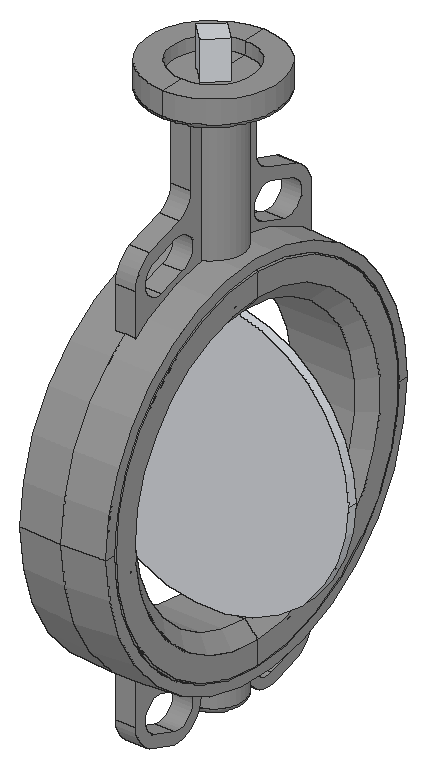
Revit family "HERZ Isolating Butterfly Valves ZF-4219", category Rohrzubehör, Revit 2019 (continued)
Automatic sketch dimensions
  Extrusion 8 sketch curve to Extrusion 8 sketch curve = 9.76 mm  (x2)
  Extrusion 8 sketch curve to Extrusion 8 sketch curve = 46.144 mm
  Extrusion 8 sketch curve to Extrusion 8 sketch curve = 0.006 mm
  Extrusion 8 sketch curve to Extrusion 8 sketch curve = 0.159 mm  (x2)
  Extrusion 8 sketch curve to Extrusion 8 sketch curve = 0.225 mm  (x2)
  Extrusion 8 sketch curve to Extrusion 8 sketch curve = 3.156 mm
  Extrusion 7 sketch curve to Extrusion 7 sketch curve = 0 mm  (x29)
  Extrusion 7 sketch curve to level = 0 mm
  Extrusion 7 sketch curve to plane 1 "Mitte (Vorne/hinten)" = 0 mm
  Extrusion 7 sketch curve to Extrusion 7 sketch curve = 4.987 mm  (x2)
  plane 1 "Mitte (Vorne/hinten)" to Extrusion 7 sketch curve = 42.642 mm
  Extrusion 7 sketch curve to Extrusion 7 sketch curve = 3.28 mm  (x2)
  Extrusion 7 sketch curve to Extrusion 7 sketch curve = 14.935 mm  (x2)
  Extrusion 7 sketch curve to Extrusion 7 sketch curve = 11.589 mm  (x2)
  Extrusion 7 sketch curve to Extrusion 7 sketch curve = 14.868 mm  (x2)
  Extrusion 7 sketch curve to Extrusion 7 sketch curve = 33.628 mm  (x4)
  Extrusion 7 sketch curve to Extrusion 7 sketch curve = 3.946 mm  (x4)
  Extrusion 7 sketch curve to Extrusion 7 sketch curve = 12.021 mm  (x8)
  Extrusion 7 sketch curve to Extrusion 7 sketch curve = 8.075 mm  (x8)
  plane 1 "Mitte (Vorne/hinten)" to Extrusion 7 sketch curve = 21.03 mm
  Extrusion 7 sketch curve to Extrusion 7 sketch curve = 5.5 mm
  Extrusion 7 sketch curve to Extrusion 7 sketch curve = 0.54 mm  (x2)
  Extrusion 7 sketch curve to Extrusion 7 sketch curve = 0.103 mm
  Extrusion 7 sketch curve to Extrusion 7 sketch curve = 1.99 mm  (x2)
  plane 1 "Mitte (Vorne/hinten)" to Extrusion 7 sketch curve = 18.5 mm
  Extrusion 7 sketch curve to plane 1 "Mitte (Vorne/hinten)" = 18.5 mm  (x2)
  Extrusion 7 sketch curve to Extrusion 7 sketch curve = 1.897 mm
  Extrusion 7 sketch curve to Extrusion 7 sketch curve = 2 mm
  Extrusion 7 sketch curve to Extrusion 7 sketch curve = 21.612 mm
  Extrusion 7 sketch curve to level = 59.454 mm  (x2)
  Extrusion 7 sketch curve to Extrusion 7 sketch curve = 10.049 mm  (x4)
  Extrusion 7 sketch curve to Extrusion 7 sketch curve = 20.666 mm  (x2)
  Extrusion 7 sketch curve to Extrusion 7 sketch curve = 1.725 mm  (x2)
  Extrusion 7 sketch curve to Extrusion 7 sketch curve = 12.438 mm  (x4)
  level to Extrusion 7 sketch curve = 59.454 mm  (x2)
  Extrusion 7 sketch curve to Extrusion 7 sketch curve = 15.768 mm  (x2)
  Extrusion 7 sketch curve to Extrusion 7 sketch curve = 0.361 mm  (x2)
  Extrusion 7 sketch curve to Extrusion 7 sketch curve = 69.242 mm
  Extrusion 7 sketch curve to Extrusion 7 sketch curve = 0.014 mm
  Extrusion 7 sketch curve to Extrusion 7 sketch curve = 0.29 mm  (x2)
  Extrusion 6 sketch curve to Extrusion 6 sketch curve = 0 mm  (x31)
  Extrusion 6 sketch curve to level = 0 mm
  Extrusion 6 sketch curve to plane 1 "Mitte (Vorne/hinten)" = 0 mm
  plane 1 "Mitte (Vorne/hinten)" to Extrusion 6 sketch curve = 18.5 mm  (x2)
  Extrusion 6 sketch curve to Extrusion 6 sketch curve = 1.897 mm  (x2)
  Extrusion 6 sketch curve to Extrusion 6 sketch curve = 2 mm
  Extrusion 6 sketch curve to Extrusion 6 sketch curve = 4.154 mm  (x2)
  Extrusion 6 sketch curve to Extrusion 6 sketch curve = 5.603 mm
  Extrusion 6 sketch curve to Extrusion 6 sketch curve = 12 mm  (x2)
  Extrusion 6 sketch curve to Extrusion 6 sketch curve = 21.682 mm  (x2)
  Extrusion 6 sketch curve to Extrusion 6 sketch curve = 2.182 mm  (x2)
  Extrusion 6 sketch curve to Extrusion 6 sketch curve = 11.109 mm  (x4)
  Extrusion 6 sketch curve to Extrusion 6 sketch curve = 30.529 mm  (x4)
  Extrusion 6 sketch curve to Extrusion 6 sketch curve = 4.781 mm  (x4)
  Extrusion 6 sketch curve to Extrusion 6 sketch curve = 1.414 mm  (x8)
  Extrusion 6 sketch curve to Extrusion 6 sketch curve = 7.24 mm  (x8)
  Extrusion 6 sketch curve to Extrusion 6 sketch curve = 12.021 mm  (x8)
  Extrusion 6 sketch curve to plane 1 "Mitte (Vorne/hinten)" = 18.5 mm
  Extrusion 6 sketch curve to Extrusion 6 sketch curve = 7.5 mm
  Extrusion 6 sketch curve to Extrusion 6 sketch curve = 0.103 mm
  Extrusion 6 sketch curve to level = 50.036 mm  (x2)
  Extrusion 6 sketch curve to Extrusion 6 sketch curve = 17.112 mm  (x2)
  Extrusion 6 sketch curve to Extrusion 6 sketch curve = 9.185 mm  (x4)
  Extrusion 6 sketch curve to Extrusion 6 sketch curve = 20.608 mm  (x2)
  Extrusion 6 sketch curve to Extrusion 6 sketch curve = 12.868 mm  (x3)
  Extrusion 6 sketch curve to Extrusion 6 sketch curve = 9.096 mm  (x2)
  level to Extrusion 6 sketch curve = 50.036 mm  (x2)
  Extrusion 6 sketch curve to Extrusion 6 sketch curve = 17 mm
  Extrusion 6 sketch curve to Extrusion 6 sketch curve = 56.845 mm
  Extrusion 6 sketch curve to Extrusion 6 sketch curve = 0.017 mm
  Extrusion 6 sketch curve to Extrusion 6 sketch curve = 0.29 mm  (x2)
  Extrusion 5 sketch curve to Extrusion 5 sketch curve = 0 mm  (x25)
  Extrusion 5 sketch curve to level = 0 mm
  Extrusion 5 sketch curve to plane 1 "Mitte (Vorne/hinten)" = 0 mm
  plane 1 "Mitte (Vorne/hinten)" to Extrusion 5 sketch curve = 18.5 mm  (x2)
  Extrusion 5 sketch curve to Extrusion 5 sketch curve = 0.579 mm  (x2)
  Extrusion 5 sketch curve to Extrusion 5 sketch curve = 1.897 mm  (x2)
  Extrusion 5 sketch curve to Extrusion 5 sketch curve = 0.103 mm
  Extrusion 5 sketch curve to Extrusion 5 sketch curve = 5.603 mm
  Extrusion 5 sketch curve to Extrusion 5 sketch curve = 15.942 mm  (x4)
  Extrusion 5 sketch curve to Extrusion 5 sketch curve = 13 mm  (x2)
  Extrusion 5 sketch curve to Extrusion 5 sketch curve = 11.367 mm  (x4)
  Extrusion 5 sketch curve to Extrusion 5 sketch curve = 25.663 mm  (x4)
  Extrusion 5 sketch curve to Extrusion 5 sketch curve = 4.027 mm  (x4)
  Extrusion 5 sketch curve to Extrusion 5 sketch curve = 12.021 mm  (x5)
  Extrusion 5 sketch curve to Extrusion 5 sketch curve = 9.55 mm  (x4)
  Extrusion 5 sketch curve to Extrusion 5 sketch curve = 7.5 mm
  Extrusion 5 sketch curve to plane 1 "Mitte (Vorne/hinten)" = 18.5 mm  (x2)
  Extrusion 5 sketch curve to Extrusion 5 sketch curve = 2 mm
  Extrusion 5 sketch curve to level = 38.887 mm  (x2)
  Extrusion 5 sketch curve to Extrusion 5 sketch curve = 10.986 mm  (x3)
  Extrusion 5 sketch curve to Extrusion 5 sketch curve = 10.231 mm  (x3)
  Extrusion 5 sketch curve to Extrusion 5 sketch curve = 10.467 mm  (x4)
  Extrusion 5 sketch curve to Extrusion 5 sketch curve = 12.18 mm  (x2)
  Extrusion 5 sketch curve to Extrusion 5 sketch curve = 12.641 mm  (x4)
  Extrusion 5 sketch curve to Extrusion 5 sketch curve = 9.983 mm  (x2)
  level to Extrusion 5 sketch curve = 38.887 mm  (x2)
  Extrusion 5 sketch curve to Extrusion 5 sketch curve = 21.217 mm
  Extrusion 5 sketch curve to Extrusion 5 sketch curve = 16.969 mm  (x2)
  Extrusion 5 sketch curve to Extrusion 5 sketch curve = 51.117 mm
  Extrusion 5 sketch curve to Extrusion 5 sketch curve = 0.01 mm
  Extrusion 5 sketch curve to Extrusion 5 sketch curve = 0.29 mm  (x2)
  level to Extrusion 5 sketch curve = 49.873 mm
  Extrusion 4 sketch curve to Extrusion 4 sketch curve = 0 mm  (x28)
  Extrusion 4 sketch curve to level = 0 mm
  Extrusion 4 sketch curve to plane 1 "Mitte (Vorne/hinten)" = 0 mm
  plane 1 "Mitte (Vorne/hinten)" to Extrusion 4 sketch curve = 18.5 mm  (x2)
  Extrusion 4 sketch curve to Extrusion 4 sketch curve = 1.897 mm  (x2)
  Extrusion 4 sketch curve to Extrusion 4 sketch curve = 0.103 mm  (x2)
  Extrusion 4 sketch curve to Extrusion 4 sketch curve = 5.603 mm  (x2)
  Extrusion 4 sketch curve to Extrusion 4 sketch curve = 12.115 mm  (x4)
  Extrusion 4 sketch curve to Extrusion 4 sketch curve = 9 mm  (x2)
  Extrusion 4 sketch curve to Extrusion 4 sketch curve = 11.39 mm  (x2)
  Extrusion 4 sketch curve to Extrusion 4 sketch curve = 7.005 mm  (x2)
  Extrusion 4 sketch curve to Extrusion 4 sketch curve = 22.772 mm  (x4)
  Extrusion 4 sketch curve to Extrusion 4 sketch curve = 4.597 mm  (x4)
  Extrusion 4 sketch curve to Extrusion 4 sketch curve = 1.485 mm  (x4)
  Extrusion 4 sketch curve to Extrusion 4 sketch curve = 12.021 mm  (x4)
  Extrusion 4 sketch curve to Extrusion 4 sketch curve = 9.247 mm  (x4)
  Extrusion 4 sketch curve to plane 1 "Mitte (Vorne/hinten)" = 18.5 mm  (x2)
  Extrusion 4 sketch curve to level = 31.935 mm  (x2)
  Extrusion 4 sketch curve to Extrusion 4 sketch curve = 1.34 mm  (x4)
  Extrusion 4 sketch curve to Extrusion 4 sketch curve = 10.245 mm  (x4)
  Extrusion 4 sketch curve to Extrusion 4 sketch curve = 9.866 mm  (x4)
  Extrusion 4 sketch curve to Extrusion 4 sketch curve = 9.447 mm  (x4)
  Extrusion 4 sketch curve to Extrusion 4 sketch curve = 11.077 mm  (x4)
  Extrusion 4 sketch curve to Extrusion 4 sketch curve = 11.926 mm  (x2)
  level to Extrusion 4 sketch curve = 31.935 mm  (x2)
  Extrusion 4 sketch curve to Extrusion 4 sketch curve = 12.62 mm  (x2)
  Extrusion 4 sketch curve to Extrusion 4 sketch curve = 12.99 mm  (x2)
  Extrusion 4 sketch curve to Extrusion 4 sketch curve = 41.354 mm
  Extrusion 4 sketch curve to Extrusion 4 sketch curve = 0.018 mm
  Extrusion 4 sketch curve to Extrusion 4 sketch curve = 0.29 mm  (x2)
  Extrusion 3 sketch curve to Extrusion 3 sketch curve = 0 mm  (x23)
  Extrusion 3 sketch curve to level = 0 mm
  Extrusion 3 sketch curve to plane 1 "Mitte (Vorne/hinten)" = 0 mm
  plane 1 "Mitte (Vorne/hinten)" to Extrusion 3 sketch curve = 18 mm
  Extrusion 3 sketch curve to Extrusion 3 sketch curve = 1.897 mm  (x2)
  Extrusion 3 sketch curve to Extrusion 3 sketch curve = 0.103 mm  (x2)
  plane 1 "Mitte (Vorne/hinten)" to Extrusion 3 sketch curve = 22.391 mm
  Extrusion 3 sketch curve to Extrusion 3 sketch curve = 1.414 mm  (x14)
  Extrusion 3 sketch curve to Extrusion 3 sketch curve = 6.103 mm  (x2)
  Extrusion 3 sketch curve to Extrusion 3 sketch curve = 2 mm  (x2)
  Extrusion 3 sketch curve to Extrusion 3 sketch curve = 7.709 mm  (x4)
  Extrusion 3 sketch curve to Extrusion 3 sketch curve = 13.318 mm  (x5)
  Extrusion 3 sketch curve to Extrusion 3 sketch curve = 15.842 mm  (x5)
  Extrusion 3 sketch curve to Extrusion 3 sketch curve = 10.233 mm
  Extrusion 3 sketch curve to Extrusion 3 sketch curve = 3.184 mm  (x7)
  Extrusion 3 sketch curve to Extrusion 3 sketch curve = 6.315 mm  (x8)
  Extrusion 3 sketch curve to Extrusion 3 sketch curve = 3.021 mm  (x4)
  Extrusion 3 sketch curve to Extrusion 3 sketch curve = 5.303 mm  (x8)
  Extrusion 3 sketch curve to level = 23.805 mm  (x2)
  Extrusion 3 sketch curve to Extrusion 3 sketch curve = 3.106 mm  (x6)
  level to Extrusion 3 sketch curve = 23.805 mm  (x2)
  Extrusion 3 sketch curve to Extrusion 3 sketch curve = 6.654 mm  (x4)
  Extrusion 3 sketch curve to Extrusion 3 sketch curve = 9.77 mm  (x4)
  Extrusion 3 sketch curve to plane 1 "Mitte (Vorne/hinten)" = 18 mm
  Extrusion 3 sketch curve to plane 1 "Mitte (Vorne/hinten)" = 22.391 mm
  Extrusion 3 sketch curve to Extrusion 3 sketch curve = 5.708 mm  (x2)
  Extrusion 3 sketch curve to Extrusion 3 sketch curve = 3.131 mm
  level to Extrusion 3 sketch curve = 42.831 mm
  Extrusion 3 sketch curve to Extrusion 3 sketch curve = 4.045 mm
  Extrusion 3 sketch curve to Extrusion 3 sketch curve = 12.379 mm
  Extrusion 3 sketch curve to Extrusion 3 sketch curve = 68.43 mm
  Extrusion 3 sketch curve to Extrusion 3 sketch curve = 0.003 mm
  Extrusion 3 sketch curve to Extrusion 3 sketch curve = 0.316 mm  (x2)
  curve 12 to level = 0 mm
  curve 12 to plane 3 "Mitte (Links/rechts)" = 0 mm
  plane 1 "Mitte (Vorne/hinten)" to curve 6 = 0 mm
  curve 6 to plane 3 "Mitte (Links/rechts)" = 0 mm
  Revolve 1 sketch curve to plane 1 "Mitte (Vorne/hinten)" = 0 mm
  Revolve 1 sketch curve to Revolve 1 sketch curve = 0.987 mm
  Revolve 1 sketch curve to Revolve 1 sketch curve = 1.5 mm  (x3)
  Revolve 1 sketch curve to Revolve 1 sketch curve = 0.513 mm  (x2)
  Revolve 1 sketch curve to Revolve 1 sketch curve = 0.915 mm  (x2)
  Revolve 1 sketch curve to Revolve 1 sketch curve = 1978.5 mm  (x2)
  Revolve 11 sketch curve to plane 1 "Mitte (Vorne/hinten)" = 0 mm  (x2)
  Revolve 11 sketch curve to Revolve 11 sketch curve = 3 mm
  Revolve 11 sketch curve to Revolve 11 sketch curve = 459.992 mm
  level to Revolve 11 sketch curve = 2741.474 mm
  Revolve 12 sketch curve to plane 1 "Mitte (Vorne/hinten)" = 0 mm  (x3)
  Revolve 12 sketch curve to Revolve 12 sketch curve = 1.895 mm
  Revolve 12 sketch curve to Revolve 12 sketch curve = 2 mm  (x2)
  Revolve 12 sketch curve to Revolve 12 sketch curve = 0.105 mm
  Revolve 12 sketch curve to level = 520.992 mm
  Revolve 12 sketch curve to Revolve 12 sketch curve = 2616.474 mm
  Revolve 13 sketch curve to level = 0 mm
  Revolve 13 sketch curve to Revolve 13 sketch curve = 1.492 mm
  Revolve 13 sketch curve to Revolve 13 sketch curve = 0.18 mm  (x2)
  Revolve 13 sketch curve to Revolve 13 sketch curve = 5.027 mm
  Revolve 13 sketch curve to Revolve 13 sketch curve = 1 mm
  Revolve 13 sketch curve to Revolve 13 sketch curve = 0.999 mm  (x2)
  Revolve 13 sketch curve to Revolve 13 sketch curve = 0.27 mm
  Revolve 13 sketch curve to Revolve 13 sketch curve = 0.957 mm
  Revolve 13 sketch curve to Revolve 13 sketch curve = 1328.99 mm
  Revolve 13 sketch curve to Revolve 13 sketch curve = 1875.983 mm
  Extrusion 14 sketch curve to level = 0 mm
  Extrusion 14 sketch curve to plane 3 "Mitte (Links/rechts)" = 0 mm
  radius of Extrusion 10 sketch curve = 12 mm  (x4)
  radius of Extrusion 9 sketch curve = 9.5 mm  (x4)
  radius of Extrusion 9 sketch curve = 14 mm  (x4)
  radius of Extrusion 7 sketch curve = 11.5 mm  (x4)
  radius of Extrusion 7 sketch curve = 9.5 mm  (x4)
  radius of Extrusion 6 sketch curve = 9.5 mm  (x8)
  radius of Extrusion 5 sketch curve = 9.5 mm  (x8)
  radius of Extrusion 4 sketch curve = 9.5 mm  (x8)
  radius of curve 12 = 7 mm
  radius of curve 6 = 5 mm
Nested families
  nested 1: "Herz-Logo-vorne" at (-20, 0, 145.5), type "Herz-Logo-vorne"
Connectors
  piping at (30.75, 0, 0), diameter 200, driven by "Nennweite"
    settings: on Revolve 13, index 1, connector inside diameter 609.6 mm, connector length 0 mm, flow factor 0, pipe flow 0.0 L/s, pressure drop 0.0 Pa, fitting loss kfactor 0, connector angle 0.00°, fixture units 0, engagement length 0 mm, angle of deflection 0.00°, flow configuration 0, flow direction 0, fitting loss method 0, system type 29, joint type 0, gender type 0, connector reference index -1, connector utility 0, adjustable connector no, is connector primary yes, connector description ""
  piping at (-30.75, 0, 0), diameter 200, driven by "Nennweite"
    settings: on Revolve 13, index 2, connector inside diameter 609.6 mm, connector length 0 mm, flow factor 0, pipe flow 0.0 L/s, pressure drop 0.0 Pa, fitting loss kfactor 0, connector angle 0.00°, fixture units 0, engagement length 0 mm, angle of deflection 0.00°, flow configuration 0, flow direction 0, fitting loss method 0, system type 29, joint type 0, gender type 0, connector reference index -1, connector utility 0, adjustable connector no, is connector primary no, connector description ""
Definition of nested family "Herz-Logo-vorne"
  Reference planes
    plane 1 "Mitte (Vorne/hinten)": y = 0
    plane 2: z = 0
    plane 3 "Mitte (Links/rechts)": x = 0
  Forms (mm)
    Extrusion 1, solid
      sketch origin (0.732, -0.018, 0.017) x (0, -1, 0) y (0, 0, 1)
        loop
          line (-0.018, -4.517) -> (4.482, -4.517) -> (4.482, 4.483) -> (-4.518, 4.483) -> (-4.518, -4.517) -> (-0.018, -4.517)
        loop
          line (-0.05, -3.48) -> (3.482, -3.48) -> (3.482, 3.483) -> (-3.518, 3.483) -> (-3.518, -3.48) -> (-0.05, -3.48)
        loop
          arc (-0.018, 2.383) -> (-1.543, 3.287) -> (-3.067, 2.383) r 1.738
          arc (-3.067, 2.383) -> (-3.191, 1.899) -> (-3.067, 1.415) r 1.009
          line (-3.067, 1.415) -> (-0.018, -3.281) -> (3.032, 1.415)
          arc (3.032, 1.415) -> (3.156, 1.899) -> (3.032, 2.383) r 1.009
          arc (3.032, 2.383) -> (1.507, 3.287) -> (-0.018, 2.383) r 1.738
        loop
          arc (1.885, 1.272) -> (2.005, 1.675) -> (1.885, 2.079) r 0.74
          arc (1.885, 2.079) -> (1.265, 2.416) -> (0.644, 2.079) r 0.74
          line (0.644, 2.079) -> (-0.018, 0.97) -> (-0.679, 2.079)
          arc (-0.679, 2.079) -> (-1.3, 2.416) -> (-1.921, 2.079) r 0.74
          arc (-1.921, 2.079) -> (-2.04, 1.675) -> (-1.921, 1.272) r 0.74
          line (-1.921, 1.272) -> (-0.018, -1.658) -> (1.885, 1.272)
      from 0 to 1.5
  Dimensions and locks
    aligned and locked: level to plane 2
